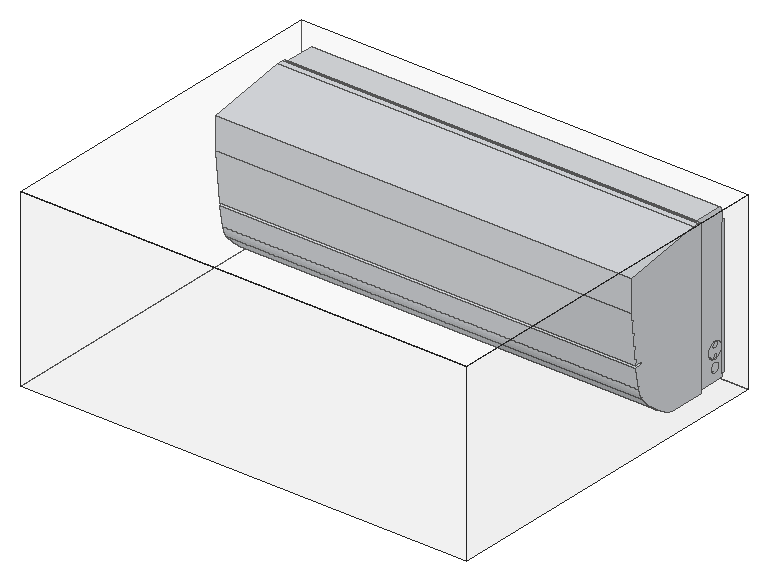
Revit family "msz-gv2256_23_50hz", category 機械設備, Revit 2019
Family settings
  丸型コネクタ寸法 = 直径を使用
  パーツ タイプ = 標準
  OmniClass 番号 = 23.75.10.24.21.27.27
  OmniClass タイトル = Split System Air Conditioning Units
  作業面ベース = いいえ
  常に垂直 = はい
  ロード時にボイドで切り取り = いいえ
  共有 = いいえ
  部屋計算ポイント = いいえ
Parameters (values of type "壁掛_MSZ-GV2223-T-IN")
  風量 = MAX風量  # 635.0 m³/h
  音響パワーレベル(dB) = if([運転音(強冷房)  db] > [運転音(強暖房)  db], [運転音(強冷房)  db], [運転音(強暖房)  db])  # 64
  電源種別 = ""
  電圧_電気ヒーター = 0 V
  電圧 = 100 V
  電動機出力_送風機 = 28.00 W
  運転音(強暖房)  db = 64
  運転音(強冷房)  db = 62
  運転音(弱暖房)  db = 43
  運転音(静冷房)  db = 41
  運転音(弱冷房)  db = 43
  運転音(中暖房)  db = 50
  運転音(中冷房)  db = 51
  運転質量 = 0.00 kg
  連動 = ""
  質量 = if(製品質量 > 運転質量, 製品質量, 運転質量) * 1.2  # 9.60 kg
  負荷分類 = 10_ファンコイル類
  説明 = "ルームエアコン(霧ヶ峰) 　GVシリーズ　室内ユニット"
  設計暖房能力 [instance] = 0.00 kW
  設計冷房能力_顕熱 [instance] = 0 kW
  設計冷房能力 [instance] = 0 kW
  設置方法 = "壁掛 (露出)形"
  記号 [instance] = ""
  製造元 = "三菱電機株式会社"
  製品質量 = 8.00 kg
  製品出荷対象 = "国内"
  製品リリース年月 = "-"
  製品グループ = ""
  系統 [instance] = ""
  符号 = "ACR-WR"
  積算_科目 = "1 空気調和設備"
  積算_拾い区分 [instance] = ""
  相_電気ヒーター = 1
  相 = 1
  盤記号 [instance] = ""
  発停方法 = "付属スイッチ"
  特殊仕様 [instance] = ""
  火災停止 = ""
  消費電力_暖房 = 470.00 W
  消費電力_冷房 = 655.00 W
  消費電力 = 655.00 W
  法定耐用年数 = "6"
  構成品番 = ""
  極数 = 1
  材質 = ""
  本体マテリアル = none
  暖房能力 = 2.20 kW
  暖房 風量 = 635.0 m³/h
  推奨ブレーカー容量 = 15 A
  形式 = "壁掛（露出）形"
  幹線記号 = ""
  始動方式 = "直入"
  呼称 = "パッケージ形空気調和機_室内機"
  周波数 = 50 Hz
  台数_手元リモコン = ""
  参照している仕様書等のバージョン = "公共建築物標準仕様書（機械設備工事編）平成31年度版"
  加湿給水管径 = 0.00 mm
  分類コード = "50053004203000"
  分類グループ = ""
  冷房能力 = 2.2 kW
  冷房 風量 = 635.0 m³/h
  冷媒高低圧ガス管径 = 0.00 mm
  冷媒管径符号 = "Ab"
  冷媒管径 = 100.00 mm
  冷媒液管高さ = 126 mm
  冷媒液管長さ = 85 mm
  冷媒液管径 = 6.35 mm
  冷媒ガス管高さ = 126 mm
  冷媒ガス管長さ = 86 mm
  冷媒ガス管径 = 9.52 mm
  企業コード = "108420"
  付属品 [instance] = ""
  仕様書バージョン = "Version1.0"
  モデル = "MSZ-GV22**-*-IN"
  ドレン管高さ = 190 mm
  ドレン管径 = 16.00 mm
  サービススペース = yes
  コメント [instance] = ""
  ケーブル種類1 = "VVF"
  ケーブルサイズ1 = 2 mm
  Width = 799 mm
  Version = ""
  Uniclass2015Version = "Systems v1.9"
  Uniclass2015Title = "Split coil remote air cooled condensing units"
  Uniclass2015Code = "Pr_70_65_03_84"
  URL = "https://www.mitsubishielectric.co.jp/ldg/wink/"
  SpecificationReference = ""
  SpecificationDescription = ""
  Revision = ""
  ProductInformation = ""
  OmniClassCode = "23-33 17 13 11"
  MAX風量 = 635.0 m³/h
  IfcTypeProduct = ""
  IfcProduct = ""
  IfcExportType = "AIRCONDITIONINGUNIT"
  IfcExportAs = "IfcUnitaryEquipmentType"
  Height = 295 mm
  FamilyVersion = "v1.7"
  Depth = 225 mm
  Clearance Top = 33 mm
  Clearance Right = 40 mm
  Clearance Left = 20 mm
  Clearance Front = 445 mm
  Clearance Bottom = 7 mm
  Clearance Back = 0 mm
  COP = 0
  Author = "三菱電機株式会社"
  APF = 0
Types (13, lengths in mm): name | 風量 | 音響パワーレベル(dB) | 電圧 | 電動機出力_送風機 | 運転音(強暖房)  db | 運転音(強冷房)  db | 運転音(弱暖房)  db | 運転音(静冷房)  db | 運転音(弱冷房)  db | 運転音(中暖房)  db | 運転音(中冷房)  db | 質量 | 製品質量 | 消費電力_暖房 | 消費電力_冷房 | 消費電力 | 暖房能力 | 暖房 風量 | 冷房能力 | 冷房 風量 | モデル | MAX風量 | Clearance Front
  (no name) | 635.0 m³/h | 64 | 100 V | 28.00 W | 64 | 62 | 43 | 41 | 43 | 50 | 51 | 9.60 kg | 8.00 kg | 470.00 W | 655.00 W | 655.00 W | 2.20 kW | 635.0 m³/h | 2.2 kW | 635.0 m³/h | "MSZ-GV22**-*-IN" | 635.0 m³/h | 445
  壁掛_MSZ-GV2223-W-IN | 635.0 m³/h | 64 | 100 V | 28.00 W | 64 | 62 | 43 | 41 | 43 | 50 | 51 | 9.60 kg | 8.00 kg | 470.00 W | 655.00 W | 655.00 W | 2.20 kW | 635.0 m³/h | 2.2 kW | 635.0 m³/h | "MSZ-GV22**-*-IN" | 635.0 m³/h | 445
  壁掛_MSZ-GV2523-W-IN | 655.0 m³/h | 64 | 100 V | 28.00 W | 64 | 63 | 43 | 41 | 43 | 50 | 51 | 9.60 kg | 8.00 kg | 625.00 W | 745.00 W | 745.00 W | 2.80 kW | 635.0 m³/h | 2.5 kW | 635.0 m³/h | "MSZ-GV25**-*-IN" | 655.0 m³/h | 445
  壁掛_MSZ-GV2823-W-IN | 665.0 m³/h | 64 | 100 V | 28.00 W | 64 | 63 | 43 | 41 | 43 | 50 | 51 | 10.80 kg | 9.00 kg | 910.00 W | 800.00 W | 910.00 W | 3.60 kW | 650.0 m³/h | 2.8 kW | 665.0 m³/h | "MSZ-GV28**-*-IN" | 665.0 m³/h | 445
  壁掛_MSZ-GV3623-W-IN | 670.0 m³/h | 64 | 100 V | 28.00 W | 64 | 64 | 47 | 41 | 47 | 53 | 54 | 10.80 kg | 9.00 kg | 1215.00 W | 1415.00 W | 1415.00 W | 4.20 kW | 660.0 m³/h | 3.6 kW | 670.0 m³/h | "MSZ-GV36**-*-IN" | 670.0 m³/h | 445
  壁掛_MSZ-GV4023S-W-IN | 670.0 m³/h | 66 | 200 V | 40.00 W | 65 | 66 | 47 | 44 | 47 | 54 | 54 | 10.80 kg | 9.00 kg | 1480.00 W | 1660.00 W | 1660.00 W | 5.00 kW | 660.0 m³/h | 4 kW | 670.0 m³/h | "MSZ-GV40**S-*-IN" | 670.0 m³/h | 445
  壁掛_MSZ-GV5623S-W-IN | 785.0 m³/h | 67 | 200 V | 40.00 W | 67 | 66 | 47 | 45 | 47 | 54 | 54 | 10.80 kg | 9.00 kg | 1980.00 W | 2380.00 W | 2380.00 W | 6.70 kW | 725.0 m³/h | 5.6 kW | 785.0 m³/h | "MSZ-GV56**S-*-IN" | 785.0 m³/h | 215
  壁掛_MSZ-GV2223-T-IN | 635.0 m³/h | 64 | 100 V | 28.00 W | 64 | 62 | 43 | 41 | 43 | 50 | 51 | 9.60 kg | 8.00 kg | 470.00 W | 655.00 W | 655.00 W | 2.20 kW | 635.0 m³/h | 2.2 kW | 635.0 m³/h | "MSZ-GV22**-*-IN" | 635.0 m³/h | 445
  壁掛_MSZ-GV2523-T-IN | 655.0 m³/h | 64 | 100 V | 28.00 W | 64 | 63 | 43 | 41 | 43 | 50 | 51 | 9.60 kg | 8.00 kg | 625.00 W | 745.00 W | 745.00 W | 2.80 kW | 635.0 m³/h | 2.5 kW | 635.0 m³/h | "MSZ-GV25**-*-IN" | 655.0 m³/h | 445
  壁掛_MSZ-GV2823-T-IN | 665.0 m³/h | 64 | 100 V | 28.00 W | 64 | 63 | 43 | 41 | 43 | 50 | 51 | 10.80 kg | 9.00 kg | 910.00 W | 800.00 W | 910.00 W | 3.60 kW | 650.0 m³/h | 2.8 kW | 665.0 m³/h | "MSZ-GV28**-*-IN" | 665.0 m³/h | 445
  壁掛_MSZ-GV3623-T-IN | 670.0 m³/h | 64 | 100 V | 28.00 W | 64 | 64 | 47 | 41 | 47 | 53 | 54 | 10.80 kg | 9.00 kg | 1215.00 W | 1415.00 W | 1415.00 W | 4.20 kW | 660.0 m³/h | 3.6 kW | 670.0 m³/h | "MSZ-GV36**-*-IN" | 670.0 m³/h | 445
  壁掛_MSZ-GV4023S-T-IN | 670.0 m³/h | 66 | 200 V | 40.00 W | 65 | 66 | 47 | 44 | 47 | 54 | 54 | 10.80 kg | 9.00 kg | 1480.00 W | 1660.00 W | 1660.00 W | 5.00 kW | 660.0 m³/h | 4 kW | 670.0 m³/h | "MSZ-GV40**S-*-IN" | 670.0 m³/h | 445
  壁掛_MSZ-GV5623S-T-IN | 785.0 m³/h | 67 | 200 V | 40.00 W | 67 | 66 | 47 | 45 | 47 | 54 | 54 | 10.80 kg | 9.00 kg | 1980.00 W | 2380.00 W | 2380.00 W | 6.70 kW | 725.0 m³/h | 5.6 kW | 785.0 m³/h | "MSZ-GV56**S-*-IN" | 785.0 m³/h | 215
Reference planes
  plane 1 "中心(正面/背面)": y = 222.5
  plane 2: z = 0
  plane 3 "中心(左/右)": x = 0
  plane 4: z = 295
  plane 5: y = 340
  plane 6: y = 110
  plane 7: x = -399.5
  plane 8: x = 399.5
  plane 9: x = -419.5
  plane 10: x = 439.5
  plane 11: y = 340
  plane 12: y = -335
  plane 13: z = 328
  plane 14: z = -7
  plane 15: y = 335
  plane 16: x = 400.5
Lines and regions (mm)
  Masking region 1, detail levels coarse+medium
    outline origin (0, 0, 0) x (1, 0, 0) y (0, 1, 0)
      loop
        line (-399.5, 340) -> (-399.5, 110) -> (399.5, 110) -> (399.5, 340) -> (-399.5, 340)
  symbolic lines, detail levels coarse+medium
    curve 1: line (-399.5, 340, 0) -> (399.5, 340, 0)
    curve 2: line (-399.5, 110, 0) -> (-399.5, 340, 0)
    curve 3: line (399.5, 110, 0) -> (-399.5, 110, 0)
    curve 4: line (399.5, 340, 0) -> (399.5, 110, 0)
Dimensions and locks
  equal spacing: plane 7, plane 3 "中心(左/右)", plane 8
  "Width": plane 7 to plane 8
  "Clearance Back": plane 5 to plane 11
  "Clearance Front": plane 12 to plane 6
  "Clearance Right": plane 8 to plane 10
  "Clearance Left": plane 9 to plane 7
  "Height": plane 4 to level
  "Clearance Bottom": level to plane 14
  "Clearance Top": plane 13 to plane 4
  locked: plane 15 to plane 5 at 5
  equal spacing: plane 6, plane 1 "中心(正面/背面)", plane 15
  "Depth": plane 6 to plane 15
  locked: plane 8 to plane 16 at 1
  plane 12 to plane 11 = 675 mm
  aligned and locked: level to plane 2
  aligned and locked: plane 9 to nested 1
  aligned and locked: plane 10 to nested 1
  aligned and locked: plane 12 to nested 1
  aligned and locked: plane 11 to nested 1
  aligned and locked: plane 13 to nested 1
  aligned and locked: plane 3 "中心(左/右)" to nested 2
  aligned and locked: plane 14 to nested 1
  aligned and locked: plane 5 to nested 2
  aligned and locked: Masking region 1 sketch curve to plane 8
  aligned and locked: plane 7 to Masking region 1 sketch curve
  aligned and locked: plane 5 to Masking region 1 sketch curve
  aligned and locked: Masking region 1 sketch curve to plane 6
  aligned and locked: curve 4 to plane 8
  aligned and locked: plane 7 to curve 2
  aligned and locked: curve 3 to plane 6
  aligned and locked: plane 5 to curve 1
Nested families
  nested 1: "サービススペース_MSZ-GV22-5623" at (10, 2.5, 160.5), visible <- "サービススペース", type "サービススペース_MSZ-GV22-5623"
    with Width 859 mm, Height 335 mm, Depth 675 mm
  nested 2: "MSZ-GV○○-○○-IN" at (0, 340, 0), type "MSZ-GV○○-○○-IN"
Connectors
  piping at (393.5, 317, 55), diameter 100, driven by "冷媒管径", driven by "冷媒管径符号"
    settings: on nested 2, index 1, connector inside diameter 609.60 mm, connector length 0 mm, flow factor 0, pipe flow 0.0 L/s, pressure drop 0.0 Pa, fitting loss kfactor 0, connector angle 0.00°, fixture units 0, engagement length 0 mm, angle of deflection 0.00°, flow configuration 1, flow direction 2, fitting loss method 4, system type 7, joint type 0, gender type 0, connector reference index -1, connector utility 0, adjustable connector no, is connector primary yes, connector description "Ab"
  piping at (393.5, 317, 25), diameter 16, driven by "ドレン管径"
    settings: on nested 2, index 2, connector inside diameter 609.60 mm, connector length 0 mm, flow factor 0, pipe flow 0.0 L/s, pressure drop 0.0 Pa, fitting loss kfactor 0, connector angle 0.00°, fixture units 0, engagement length 0 mm, angle of deflection 0.00°, flow configuration 1, flow direction 2, fitting loss method 4, system type 16, joint type 0, gender type 0, connector reference index -1, connector utility 0, adjustable connector no, is connector primary no, connector description ""
  electrical at (350, 170, 215), driven by "極数", driven by "負荷分類", driven by "電圧", driven by "消費電力"
    settings: on nested 2, index 5, voltage 100 V, apparent load 655 VA, apparent load phase1 0 VA, apparent load phase2 0 VA, apparent load phase3 0 VA, power factor 1, load classification "10_ファンコイル類", number of poles 1, system type 30, power factor state 1, is connector primary yes, connector utility no, sub classification motor no, connector description ""
Definition of nested family "サービススペース_MSZ-GV22-5623"
  Parameters (values of type "サービススペース")
    Width [instance] = 500 mm
    Height [instance] = 500 mm
    Depth [instance] = 500 mm
  Reference planes
    plane 1 "中心(正面/背面)": y = 0
    plane 2: z = 0
    plane 3 "中心(左/右)": x = 0
    plane 4: y = -250
    plane 5: x = 250
    plane 6: y = 250
    plane 7: x = -250
    plane 8: z = 250
    plane 9: z = -250
  Forms (mm)
    Extrusion 1, solid
      sketch origin (-638.939, 0, 72.39) x (1, 0, 0) y (0, 1, 0)
        loop
          line (388.939, 250) -> (388.939, -250) -> (888.939, -250) -> (888.939, 250) -> (388.939, 250)
      from -322.39 to 177.61
  Lines and regions (mm)
    symbolic lines
      curve 1: line (-250, 0, 250) -> (250, 0, 250)
      curve 2: line (-250, 0, -250) -> (-250, 0, 250)
      curve 3: line (250, 0, -250) -> (-250, 0, -250)
      curve 4: line (250, 0, 250) -> (250, 0, -250)
      curve 5: line (0, -250, 250) -> (0, 250, 250)
      curve 6: line (0, -250, -250) -> (0, -250, 250)
      curve 7: line (0, 250, -250) -> (0, -250, -250)
      curve 8: line (0, 250, 250) -> (0, 250, -250)
      curve 9: line (-250, 250, 0) -> (250, 250, 0)
      curve 10: line (-250, -250, 0) -> (-250, 250, 0)
      curve 11: line (250, -250, 0) -> (-250, -250, 0)
      curve 12: line (250, 250, 0) -> (250, -250, 0)
  Dimensions and locks
    equal spacing: plane 7, plane 3 "中心(左/右)", plane 5
    equal spacing: plane 4, plane 1 "中心(正面/背面)", plane 6
    "Depth": plane 4 to plane 6
    "Width": plane 7 to plane 5
    equal spacing: plane 8, plane 2, plane 9
    "Height": plane 8 to plane 9
    aligned and locked: plane 9 to curve 3
    aligned and locked: plane 7 to curve 2
    aligned and locked: curve 4 to plane 5
    aligned and locked: plane 5 to Extrusion 1
    aligned and locked: Extrusion 1 to plane 7
    aligned and locked: Extrusion 1 to plane 9
    aligned and locked: plane 8 to Extrusion 1
    aligned and locked: plane 9 to curve 7
  Automatic sketch dimensions
    plane 4 to Extrusion 1 sketch curve = 0 mm
    Extrusion 1 sketch curve to plane 7 = 0 mm
    Extrusion 1 sketch curve to plane 5 = 0 mm
    plane 6 to Extrusion 1 sketch curve = 0 mm
    curve 2 to plane 8 = 0 mm
    plane 4 to curve 11 = 0 mm
    curve 11 to plane 7 = 0 mm
    curve 11 to plane 5 = 0 mm
    plane 6 to curve 10 = 0 mm
    curve 7 to plane 4 = 0 mm
    curve 7 to plane 6 = 0 mm
    curve 6 to plane 8 = 0 mm
Definition of nested family "MSZ-GV○○-○○-IN"
  Parameters (values of type "MSZ-GV○○-○○-IN")
    配線取出口サイズ = 26 mm
    配線取出口-Z = 0 mm
    配線取出口-Y = 0 mm
    配線取出口-X = 0 mm
    表示 [instance] = yes
    液配管サイズ = 100 mm
    H = 295 mm
    D = 225 mm
    吊りボルト_H = 230 mm
    冷媒配管サイズ = 6.35 mm
    冷媒液管径-Z = 0 mm
    冷媒液管径-Y = 0 mm
    冷媒液管径-X = 0 mm
    冷媒ガス管径-Z = 0 mm
    冷媒ガス管径-Y = 0 mm
    冷媒ガス管径-X = 0 mm
    吊りボルト-W = 300 mm
    マテリアル = none
    ドレン配管サイズ = 16 mm
    ドレン管径-Z = 0 mm
    ドレン管径-Y = 0 mm
    ドレン管径-X = 0 mm
    ガス配管サイズ = 9.52 mm
    吊りボルト-D = 200 mm
    W = 799 mm
  Reference planes
    plane 1 "中心(正面/背面)": y = 0
    plane 2: z = 0
    plane 3 "中心(左/右)": x = 0
    plane 4: z = 295
    plane 5: x = -399.5
    plane 6: x = 399.5
    plane 7: y = -230
    plane 8: y = -5
    plane 9: x = 392.5
    plane 10: x = -392.5
    plane 11: y = -23
    plane 12: z = 25
    plane 13: z = 45
    plane 14: z = 65
    plane 15: z = 55
    plane 16: x = 350
    plane 17: x = 393.5
    plane 18: y = -170
    plane 19: z = 215
    plane 20: y = -171
  Forms (mm)
    Extrusion 1, solid, material <- "マテリアル", visible <- "表示", detail levels fine
      sketch origin (399.5, 1296.25, 1200) x (0, 1, 0) y (0, 0, 1)
        loop
          line (-1361.25, -905) -> (-1366.084, -905)
          arc (-1366.084, -905) -> (-1371.503, -905.1) -> (-1376.915, -905.401) r 146.284
          arc (-1376.915, -905.401) -> (-1452.131, -914.37) -> (-1526.25, -930) r 850.001
          line (-1526.25, -930) -> (-1526.25, -989.75)
          arc (-1526.25, -989.75) -> (-1523.968, -1036.991) -> (-1517.141, -1083.791) r 490
          line (-1517.141, -1083.791) -> (-1502.319, -1081.522) -> (-1501.562, -1086.464) -> (-1516.32, -1088.918) -> (-1509.396, -1127.328)
          arc (-1509.396, -1127.328) -> (-1505.888, -1138.744) -> (-1499.774, -1149.003) r 50
          arc (-1499.774, -1149.003) -> (-1475.445, -1174.399) -> (-1446.288, -1194.065) r 165.075
          arc (-1446.288, -1194.065) -> (-1437.659, -1197.419) -> (-1428.49, -1198.699) r 40
          line (-1428.49, -1198.699) -> (-1371.251, -1200) -> (-1361.25, -1200) -> (-1361.25, -905)
      from -799 to 0
    Extrusion 2, solid, material <- "マテリアル", visible <- "表示", detail levels fine
      sketch origin (399.5, 1296.25, 1200) x (0, 1, 0) y (0, 0, 1)
        loop
          line (-1361.25, -1200) -> (-1301.25, -1200) -> (-1301.25, -911.805) -> (-1305.18, -905) -> (-1361.25, -905) -> (-1361.25, -1200)
      from -792 to -7
    Extrusion 3, solid, material <- "マテリアル", visible <- "表示", detail levels fine
      sketch origin (399.5, 1296.25, 1200) x (0, 1, 0) y (0, 0, 1)
        loop
          line (-1301.25, -1192) -> (-1296.25, -1192) -> (-1296.25, -930) -> (-1301.25, -930) -> (-1301.25, -1192)
      from -792 to -7
    Extrusion 4, solid, material <- "マテリアル", visible <- "表示", detail levels fine
      sketch origin (399.5, 1296.25, 1200) x (0, 1, 0) y (0, 0, 1)
        loop
          circle (-1319.25, -1175) r 8
      from -7 to -6
    Extrusion 5, solid, material <- "マテリアル", visible <- "表示", detail levels fine
      sketch origin (399.5, 1296.25, 1200) x (0, 1, 0) y (0, 0, 1)
        loop
          circle (-1319.25, -1155) r 3.175
      from -7 to -6
    Extrusion 6, solid, material <- "マテリアル", visible <- "表示", detail levels fine
      sketch origin (399.5, 1296.25, 1200) x (0, 1, 0) y (0, 0, 1)
        loop
          circle (-1319.25, -1135) r 4.76
      from -7 to -6
    Extrusion 7, solid, material <- "マテリアル", visible <- "表示", detail levels fine
      sketch origin (399.5, 1296.25, 1200) x (0, 1, 0) y (0, 0, 1)
        loop
          circle (-1319.25, -1145) r 15
      from -7 to -6
    Extrusion 8, solid, material <- "マテリアル", visible <- "表示", detail levels fine
      sketch origin (0, 0, 0) x (1, 0, 0) y (0, 0, 1)
        loop
          line (349, 216) -> (349, 214) -> (351, 214) -> (351, 216) -> (349, 216)
      from 170 to 171
  Dimensions and locks
    equal spacing: plane 5, plane 3 "中心(左/右)", plane 6
    "W": plane 5 to plane 6
    "H": plane 4 to level
    locked: plane 8 to plane 1 "中心(正面/背面)" at 5
    "D": plane 7 to plane 8
    locked: plane 5 to plane 10 at 7
    locked: plane 9 to plane 6 at 7
    plane 11 to plane 8 = 18 mm
    plane 12 to level = 25 mm
    plane 13 to level = 45 mm
    plane 14 to level = 65 mm
    equal spacing: plane 14, plane 15, plane 13
    locked: plane 9 to plane 17 at 1
    plane 3 "中心(左/右)" to plane 16 = 350 mm
    plane 18 to plane 1 "中心(正面/背面)" = 170 mm
    plane 4 to plane 19 = 80 mm
    locked: plane 20 to plane 18 at 1
    "ドレン配管サイズ": diameter of Extrusion 4 sketch curve
    "冷媒配管サイズ": diameter of Extrusion 5 sketch curve
    "ガス配管サイズ": diameter of Extrusion 6 sketch curve
    aligned and locked: level to plane 2
    aligned and locked: Extrusion 1 sketch curve to plane 7
    aligned and locked: Extrusion 1 sketch curve to level
    aligned and locked: Extrusion 1 sketch curve to plane 4
    aligned and locked: Extrusion 1 to plane 5
    aligned and locked: plane 6 to Extrusion 1
    aligned and locked: Extrusion 2 sketch curve to plane 8
    aligned and locked: Extrusion 2 sketch curve to level
    aligned and locked: Extrusion 2 sketch curve to plane 4
    aligned and locked: Extrusion 2 to plane 10
    aligned and locked: plane 9 to Extrusion 2
    aligned and locked: Extrusion 3 sketch curve to plane 8
    aligned and locked: Extrusion 3 sketch curve to plane 1 "中心(正面/背面)"
    aligned and locked: Extrusion 3 to plane 10
    aligned and locked: plane 9 to Extrusion 3
    aligned and locked: plane 12 to Extrusion 4 sketch curve
    aligned and locked: plane 11 to Extrusion 4 sketch curve
    aligned and locked: plane 11 to Extrusion 5 sketch curve
    aligned and locked: plane 13 to Extrusion 5 sketch curve
    aligned and locked: plane 11 to Extrusion 6 sketch curve
    aligned and locked: plane 14 to Extrusion 6 sketch curve
    aligned and locked: plane 11 to Extrusion 7 sketch curve
    aligned and locked: plane 15 to Extrusion 7 sketch curve
    aligned and locked: plane 17 to Extrusion 7
    aligned and locked: plane 17 to Extrusion 5
    aligned and locked: plane 17 to Extrusion 4
    aligned and locked: plane 17 to Extrusion 6
    aligned and locked: Extrusion 5 to plane 9
    aligned and locked: Extrusion 4 to plane 9
    aligned and locked: Extrusion 7 to plane 9
    aligned and locked: Extrusion 6 to plane 9
    aligned and locked: plane 20 to Extrusion 8
    aligned and locked: Extrusion 8 to plane 18
  Automatic sketch dimensions
    plane 8 to Extrusion 2 sketch curve = 60 mm
    plane 8 to Extrusion 2 sketch curve = 3.929 mm
    Extrusion 2 sketch curve to plane 4 = 6.805 mm
    level to Extrusion 3 sketch curve = 8 mm
    Extrusion 3 sketch curve to plane 4 = 25 mm
    Extrusion 1 sketch curve to plane 7 = 9.109 mm
    Extrusion 1 sketch curve to Extrusion 1 sketch curve = 0.821 mm
    Extrusion 1 sketch curve to plane 7 = 16.855 mm
    Extrusion 1 sketch curve to Extrusion 1 sketch curve = 14.823 mm
    Extrusion 1 sketch curve to Extrusion 1 sketch curve = 0.757 mm
    level to Extrusion 1 sketch curve = 1.301 mm
    Extrusion 1 sketch curve to Extrusion 1 sketch curve = 31.699 mm
    Extrusion 1 sketch curve to Extrusion 1 sketch curve = 0.909 mm
    Extrusion 1 sketch curve to Extrusion 1 sketch curve = 57.238 mm
    plane 8 to Extrusion 1 sketch curve = 67.834 mm
    plane 8 to Extrusion 1 sketch curve = 64.833 mm
    Extrusion 1 sketch curve to Extrusion 1 sketch curve = 10.001 mm
    plane 8 to Extrusion 1 sketch curve = 12.731 mm
    Extrusion 1 sketch curve to plane 4 = 84.75 mm
    Extrusion 1 sketch curve to plane 1 "中心(正面/背面)" = 260 mm
    Extrusion 1 sketch curve to level = 553.069 mm
    Extrusion 1 sketch curve to Extrusion 1 sketch curve = 43.537 mm
    Extrusion 1 sketch curve to Extrusion 1 sketch curve = 8.871 mm
    Extrusion 1 sketch curve to Extrusion 1 sketch curve = 5.127 mm
    Extrusion 1 sketch curve to Extrusion 1 sketch curve = 2.454 mm
    Extrusion 1 sketch curve to Extrusion 1 sketch curve = 4.942 mm
    Extrusion 1 sketch curve to Extrusion 1 sketch curve = 67.173 mm
    Extrusion 1 sketch curve to Extrusion 1 sketch curve = 3.128 mm
    Extrusion 1 sketch curve to plane 4 = 25 mm
    Extrusion 1 sketch curve to Extrusion 1 sketch curve = 0 mm
    Extrusion 8 sketch curve to plane 16 = 1 mm
    plane 19 to Extrusion 8 sketch curve = 1 mm
    Extrusion 8 sketch curve to plane 19 = 1 mm
    plane 16 to Extrusion 8 sketch curve = 1 mm
    radius of Extrusion 7 sketch curve = 15 mm
